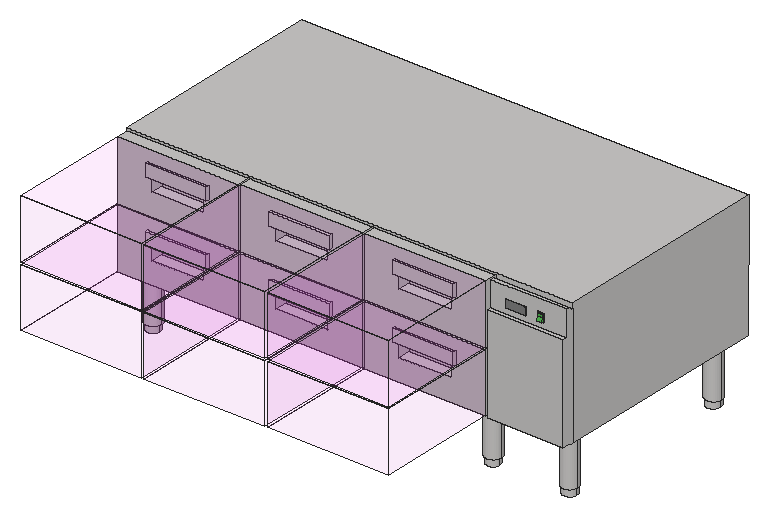
Revit family "QF_ELECTROLUXPROFESSIONAL_391605_E9TTBPCOMKN", category Specialty Equipment, Revit 2018
Family settings
  Round Connector Dimension = Use Diameter
  Part Type = Normal
  Work Plane-Based = No
  Always vertical = Yes
  Cut with Voids When Loaded = No
  Shared = No
  Room Calculation Point = No
Parameters
  Weight = 110.00 kg
  Watts = 0 W
  Volts = 0 V
  URL Manufacturer = ""
  URL = ""
  Steam Supply Size = 0 mm
  Steam Supply Minimum Pressure = 0.0 Pa
  Steam Supply Maximum Pressure = 0.0 Pa
  Steam Pounds per Hour = 0
  Refrigeration Suction Line Size = 0 mm
  Refrigeration Liquid Line Size = 0 mm
  Refrigerant Compressor Remote = yes
  Manufacturer = ""
  Phase = 0
  Model = ""
  Length Actual = 1600 mm  # constant formula
  Item Number = ""
  Hot Water Size = 0 mm
  Height Actual = 600 mm  # constant formula
  HP = "0.5 HP"
  Gas Size = 0 mm
  Gas KW = 0
  Gas Input Pressure = 0 W
  Direct Waste Size = 12.7 mm
  Description = ""
  Depth Actual = 830 mm  # constant formula
  Cycle = 0 Hz
  Condensate Return Size = 0 mm
  Compressed Air Volume = 0.0 L/s
  Compressed Air Size = 0 mm
  Compressed Air Pressure = 0.0 Pa
  Cold Water Size = 0 mm
  Accessory = yes
Reference planes
  plane 1 "Center X": y = 0
  plane 2: z = 0
  plane 3 "Centro (Sinistra/Destra)": x = 0
  plane 4: z = 200
  plane 5 "TOP": z = 650
  plane 6 "BACK": y = 450
  plane 7 "FRONT": y = -450
  plane 8 "LEFT": x = -800
  plane 9 "RIGHT": x = 800
  plane 10: y = -403
  plane 11: y = -448
  plane 12: x = -745
  plane 13: x = 745
  plane 14: x = 471
  plane 15: y = 292
  plane 16: y = -350
  plane 17: x = 286
  plane 18: x = -799
  plane 19: x = 799
  plane 20: y = 290
  plane 21: x = 760
  plane 22: y = 380
Forms (mm)
  Extrusion 1, solid, material "QF_Finishes_Stainless Steel"
    sketch origin (0, 0, 650) x (-1, 0, 0) y (0, -1, 0)
      loop
        line (799, -380) -> (799, 403) -> (-799, 403) -> (-799, -380) -> (799, -380)
    from -450 to 0
  Extrusion 2, solid, material "QF_Finishes_Stainless Steel"
    sketch origin (0, -30, 0) x (1, 0, 0) y (0, 1, 0)
      loop
        circle (760, 290) r 6
    from 189.987 to 200
  Extrusion 3, solid, material "QF_Finishes_Stainless Steel"
    sketch origin (799, -33.449, 0) x (0, 1, 0) y (0, 0, 1)
      loop
        line (-369.551, 629.527) -> (-386.314, 640.994) -> (-397.65, 640.994) -> (-397.65, 549.796) -> (-414.551, 549.796) -> (-414.551, 204.796) -> (-384.714, 204.796) -> (-374.993, 200) -> (-369.551, 200) -> (-369.551, 629.527)
    from 0 to -271
  Extrusion 4, solid, material "QF_Finishes_Black"
    sketch origin (783, -431.099, 630.994) x (0, 0, -1) y (1, 0, 0)
      loop
        line (32.198, -86.899) -> (61.199, -86.899) -> (61.199, -64.9) -> (32.198, -64.9) -> (32.198, -86.899)
    from 0 to 1.6
  Extrusion 5, solid, material "QF_Finishes_Grey"
    sketch origin (789, -431.099, 630.994) x (0, 0, -1) y (1, 0, 0)
      loop
        line (32.198, -206.099) -> (61.199, -206.099) -> (61.199, -136.099) -> (32.198, -136.099) -> (32.198, -206.099)
    from 0 to 1.6
  Extrusion 6, solid, material "QF_Finishes_Green"
    sketch origin (718.1, -431.099, 598.796) x (0, 0, -1) y (0, 1, 0)
      loop
        line (2.279, -3.281) -> (14.5, -3.281) -> (25.308, -8.985)
        arc (25.308, -8.985) -> (26.537, -5.394) -> (26.605, -1.6) r 12.221
        line (26.605, -1.6) -> (2.395, -1.6)
        arc (2.395, -1.6) -> (2.308, -2.439) -> (2.279, -3.281) r 12.221
    from -20 to -2
  Extrusion 7, solid, material "QF_Finishes_Stainless Steel"
    sketch origin (200, -442.999, 0) x (-1, 0, 0) y (0, 0, 1)
      loop
        line (995, 427.5) -> (995, 640.994) -> (560.999, 640.994) -> (560.999, 427.5) -> (995, 427.5)
      loop
        line (871.3, 506.706) -> (871.3, 585) -> (684.699, 585) -> (684.699, 506.706) -> (871.3, 506.706)
    from -5.001 to 39.999
  Extrusion 8, solid, material "QF_Door-Drawer Clearances"
    sketch origin (200, -448, 0) x (1, 0, 0) y (0, 0, 1)
      loop
        line (-995, 640.994) -> (-995, 427.5) -> (-560.999, 427.5) -> (-560.999, 640.994) -> (-995, 640.994)
    from 0 to 434
  Extrusion 9, solid, material "QF_Finishes_Stainless Steel"
    sketch origin (204, -448, 0) x (1, 0, 0) y (0, 0, 1)
      loop
        line (-890.3, 598.969) -> (-890.3, 553.969) -> (-673.699, 553.969) -> (-673.699, 598.969) -> (-890.3, 598.969)
    from 0 to 10
  Extrusion 10, solid, material "QF_Finishes_Stainless Steel"
    sketch origin (644.031, -442.999, 0) x (-1, 0, 0) y (0, 0, 1)
      loop
        line (997, 427.5) -> (997, 640.994) -> (563, 640.994) -> (563, 427.5) -> (997, 427.5)
      loop
        line (873.3, 506.706) -> (873.3, 585) -> (686.699, 585) -> (686.699, 506.706) -> (873.3, 506.706)
    from -5.001 to 39.999
  Extrusion 11, solid, material "QF_Door-Drawer Clearances"
    sketch origin (644.031, -448, 0) x (1, 0, 0) y (0, 0, 1)
      loop
        line (-997, 640.994) -> (-997, 427.5) -> (-563, 427.5) -> (-563, 640.994) -> (-997, 640.994)
    from 0 to 434
  Extrusion 12, solid, material "QF_Finishes_Stainless Steel"
    sketch origin (647.732, -448, 0) x (1, 0, 0) y (0, 0, 1)
      loop
        line (-892.001, 598.969) -> (-892.001, 553.969) -> (-675.4, 553.969) -> (-675.4, 598.969) -> (-892.001, 598.969)
    from 0 to 10
  Extrusion 13, solid, material "QF_Finishes_Stainless Steel"
    sketch origin (1076.461, -442.999, 0) x (-1, 0, 0) y (0, 0, 1)
      loop
        line (553.461, 427.5) -> (987.5, 427.5) -> (987.5, 640.994) -> (553.461, 640.994) -> (553.461, 427.5)
      loop
        line (863.8, 506.706) -> (863.8, 585) -> (677.199, 585) -> (677.199, 506.706) -> (863.8, 506.706)
    from -5.001 to 39.999
  Extrusion 14, solid, material "QF_Door-Drawer Clearances"
    sketch origin (1076.461, -448, 0) x (1, 0, 0) y (0, 0, 1)
      loop
        line (-553.461, 640.994) -> (-987.5, 640.994) -> (-987.5, 427.5) -> (-553.461, 427.5) -> (-553.461, 640.994)
    from 0 to 434
  Extrusion 15, solid, material "QF_Finishes_Stainless Steel"
    sketch origin (1076.461, -448, 0) x (1, 0, 0) y (0, 0, 1)
      loop
        line (-878.8, 598.969) -> (-878.8, 553.969) -> (-662.199, 553.969) -> (-662.199, 598.969) -> (-878.8, 598.969)
    from 0 to 10
  Extrusion 16, solid, material "QF_Finishes_Stainless Steel"
    sketch origin (200, -442.999, -218.494) x (-1, 0, 0) y (0, 0, 1)
      loop
        line (995, 427.5) -> (995, 640.994) -> (560.999, 640.994) -> (560.999, 427.5) -> (995, 427.5)
      loop
        line (871.3, 506.706) -> (871.3, 585) -> (684.699, 585) -> (684.699, 506.706) -> (871.3, 506.706)
    from -5.001 to 39.999
  Extrusion 17, solid, material "QF_Door-Drawer Clearances"
    sketch origin (200, -448, -218.494) x (1, 0, 0) y (0, 0, 1)
      loop
        line (-995, 640.994) -> (-995, 427.5) -> (-560.999, 427.5) -> (-560.999, 640.994) -> (-995, 640.994)
    from 0 to 434
  Extrusion 18, solid, material "QF_Finishes_Stainless Steel"
    sketch origin (204, -448, -218.494) x (1, 0, 0) y (0, 0, 1)
      loop
        line (-890.3, 598.969) -> (-890.3, 553.969) -> (-673.699, 553.969) -> (-673.699, 598.969) -> (-890.3, 598.969)
    from 0 to 10
  Extrusion 19, solid, material "QF_Finishes_Stainless Steel"
    sketch origin (644.031, -442.999, -218.494) x (-1, 0, 0) y (0, 0, 1)
      loop
        line (997, 427.5) -> (997, 640.994) -> (563, 640.994) -> (563, 427.5) -> (997, 427.5)
      loop
        line (873.3, 506.706) -> (873.3, 585) -> (686.699, 585) -> (686.699, 506.706) -> (873.3, 506.706)
    from -5.001 to 39.999
  Extrusion 20, solid, material "QF_Door-Drawer Clearances"
    sketch origin (644.031, -448, -218.494) x (1, 0, 0) y (0, 0, 1)
      loop
        line (-997, 640.994) -> (-997, 427.5) -> (-563, 427.5) -> (-563, 640.994) -> (-997, 640.994)
    from 0 to 434
  Extrusion 21, solid, material "QF_Finishes_Stainless Steel"
    sketch origin (647.732, -448, -218.494) x (1, 0, 0) y (0, 0, 1)
      loop
        line (-892.001, 598.969) -> (-892.001, 553.969) -> (-675.4, 553.969) -> (-675.4, 598.969) -> (-892.001, 598.969)
    from 0 to 10
  Extrusion 22, solid, material "QF_Finishes_Stainless Steel"
    sketch origin (1082.461, -442.999, -218.494) x (-1, 0, 0) y (0, 0, 1)
      loop
        line (559.461, 427.5) -> (993.5, 427.5) -> (993.5, 640.994) -> (559.461, 640.994) -> (559.461, 427.5)
      loop
        line (869.8, 506.706) -> (869.8, 585) -> (683.199, 585) -> (683.199, 506.706) -> (869.8, 506.706)
    from -5.001 to 39.999
  Extrusion 23, solid, material "QF_Door-Drawer Clearances"
    sketch origin (1082.461, -448, -218.494) x (1, 0, 0) y (0, 0, 1)
      loop
        line (-559.461, 640.994) -> (-993.5, 640.994) -> (-993.5, 427.5) -> (-559.461, 427.5) -> (-559.461, 640.994)
    from 0 to 434
  Extrusion 24, solid, material "QF_Finishes_Stainless Steel"
    sketch origin (1082.461, -448, -218.494) x (1, 0, 0) y (0, 0, 1)
      loop
        line (-884.8, 598.969) -> (-884.8, 553.969) -> (-668.199, 553.969) -> (-668.199, 598.969) -> (-884.8, 598.969)
    from 0 to 10
Lines and regions (mm)
  Split face 1
    outline origin (789, -432.699, 630.994) x (0, 0, -1) y (1, 0, 0)
      loop
        line (37.198, -196.099) -> (52.198, -196.099) -> (52.198, -146.099) -> (37.198, -146.099) -> (37.198, -196.099)
  Split face 2
    outline origin (789, -432.699, 630.994) x (0, 0, -1) y (1, 0, 0)
      loop
        circle (44.698, -143.099) r 1.2
  Split face 3
    outline origin (789, -432.699, 630.994) x (0, 0, -1) y (1, 0, 0)
      loop
        circle (39.698, -143.099) r 1.2
  Split face 4
    outline origin (789, -432.699, 630.994) x (0, 0, -1) y (1, 0, 0)
      loop
        circle (49.698, -143.099) r 1.2
  Split face 5
    outline origin (789, -432.699, 630.994) x (0, 0, -1) y (1, 0, 0)
      loop
        circle (39.698, -199.099) r 1.2
  Split face 6
    outline origin (789, -432.699, 630.994) x (0, 0, -1) y (1, 0, 0)
      loop
        circle (44.698, -199.099) r 1.2
  Split face 7
    outline origin (789, -432.699, 630.994) x (0, 0, -1) y (1, 0, 0)
      loop
        circle (49.698, -199.099) r 1.2
  Split face 8
    outline origin (789, -432.699, 630.994) x (0, 0, -1) y (1, 0, 0)
      loop
        line (59.151, -196.099) -> (59.151, -185.099) -> (54.151, -185.099) -> (54.151, -196.099) -> (59.151, -196.099)
  Split face 9
    outline origin (789, -432.699, 630.994) x (0, 0, -1) y (1, 0, 0)
      loop
        line (54.151, -183.099) -> (59.151, -183.099) -> (59.151, -172.099) -> (54.151, -172.099) -> (54.151, -183.099)
  Split face 10
    outline origin (802, -432.699, 630.994) x (0, 0, -1) y (1, 0, 0)
      loop
        line (54.151, -183.099) -> (59.151, -183.099) -> (59.151, -172.099) -> (54.151, -172.099) -> (54.151, -183.099)
  Split face 11
    outline origin (815, -432.699, 630.994) x (0, 0, -1) y (1, 0, 0)
      loop
        line (54.151, -183.099) -> (59.151, -183.099) -> (59.151, -172.099) -> (54.151, -172.099) -> (54.151, -183.099)
  Split face 12
    outline origin (799, -448, 412.291) x (0, 0, -1) y (1, 0, 0)
      loop
        arc (-85.025, -240.599) -> (-81.004, -236.61) -> (-85.004, -232.599) r 4
        line (-85.004, -232.599) -> (-117.004, -232.599)
        arc (-117.004, -232.599) -> (-121.004, -236.61) -> (-116.984, -240.599) r 4
        line (-116.984, -240.599) -> (-85.025, -240.599)
  Split face 13
    outline origin (811, -448, 412.291) x (0, 0, -1) y (1, 0, 0)
      loop
        arc (-85.025, -240.599) -> (-81.004, -236.61) -> (-85.004, -232.599) r 4
        line (-85.004, -232.599) -> (-117.004, -232.599)
        arc (-117.004, -232.599) -> (-121.004, -236.61) -> (-116.984, -240.599) r 4
        line (-116.984, -240.599) -> (-85.025, -240.599)
  Split face 14
    outline origin (823, -448, 412.291) x (0, 0, -1) y (1, 0, 0)
      loop
        arc (-85.025, -240.599) -> (-81.004, -236.61) -> (-85.004, -232.599) r 4
        line (-85.004, -232.599) -> (-117.004, -232.599)
        arc (-117.004, -232.599) -> (-121.004, -236.61) -> (-116.984, -240.599) r 4
        line (-116.984, -240.599) -> (-85.025, -240.599)
  Split face 15
    outline origin (834.897, -448, 412.291) x (0, 0, -1) y (1, 0, 0)
      loop
        arc (-85.025, -240.599) -> (-81.004, -236.61) -> (-85.004, -232.599) r 4
        line (-85.004, -232.599) -> (-117.004, -232.599)
        arc (-117.004, -232.599) -> (-121.004, -236.61) -> (-116.984, -240.599) r 4
        line (-116.984, -240.599) -> (-85.025, -240.599)
  Split face 16
    outline origin (846.896, -448, 412.291) x (0, 0, -1) y (1, 0, 0)
      loop
        arc (-85.025, -240.599) -> (-81.004, -236.61) -> (-85.004, -232.599) r 4
        line (-85.004, -232.599) -> (-117.004, -232.599)
        arc (-117.004, -232.599) -> (-121.004, -236.61) -> (-116.984, -240.599) r 4
        line (-116.984, -240.599) -> (-85.025, -240.599)
  Split face 17
    outline origin (858.896, -448, 412.291) x (0, 0, -1) y (1, 0, 0)
      loop
        arc (-85.025, -240.599) -> (-81.004, -236.61) -> (-85.004, -232.599) r 4
        line (-85.004, -232.599) -> (-117.004, -232.599)
        arc (-117.004, -232.599) -> (-121.004, -236.61) -> (-116.984, -240.599) r 4
        line (-116.984, -240.599) -> (-85.025, -240.599)
  Split face 18
    outline origin (870.896, -448, 412.291) x (0, 0, -1) y (1, 0, 0)
      loop
        arc (-85.025, -240.599) -> (-81.004, -236.61) -> (-85.004, -232.599) r 4
        line (-85.004, -232.599) -> (-117.004, -232.599)
        arc (-117.004, -232.599) -> (-121.004, -236.61) -> (-116.984, -240.599) r 4
        line (-116.984, -240.599) -> (-85.025, -240.599)
  Split face 19
    outline origin (882.897, -448, 412.291) x (0, 0, -1) y (1, 0, 0)
      loop
        arc (-85.025, -240.599) -> (-81.004, -236.61) -> (-85.004, -232.599) r 4
        line (-85.004, -232.599) -> (-117.004, -232.599)
        arc (-117.004, -232.599) -> (-121.004, -236.61) -> (-116.984, -240.599) r 4
        line (-116.984, -240.599) -> (-85.025, -240.599)
  Split face 20
    outline origin (894.896, -448, 412.291) x (0, 0, -1) y (1, 0, 0)
      loop
        arc (-85.025, -240.599) -> (-81.004, -236.61) -> (-85.004, -232.599) r 4
        line (-85.004, -232.599) -> (-117.004, -232.599)
        arc (-117.004, -232.599) -> (-121.004, -236.61) -> (-116.984, -240.599) r 4
        line (-116.984, -240.599) -> (-85.025, -240.599)
  Split face 21
    outline origin (906.896, -448, 412.291) x (0, 0, -1) y (1, 0, 0)
      loop
        arc (-85.025, -242.399) -> (-81.004, -238.41) -> (-85.004, -234.4) r 4
        line (-85.004, -234.4) -> (-117.004, -234.4)
        arc (-117.004, -234.4) -> (-121.004, -238.41) -> (-116.984, -242.399) r 4
        line (-116.984, -242.399) -> (-85.025, -242.399)
  Split face 22
    outline origin (918.896, -448, 412.291) x (0, 0, -1) y (1, 0, 0)
      loop
        arc (-85.025, -242.399) -> (-81.004, -238.41) -> (-85.004, -234.4) r 4
        line (-85.004, -234.4) -> (-117.004, -234.4)
        arc (-117.004, -234.4) -> (-121.004, -238.41) -> (-116.984, -242.399) r 4
        line (-116.984, -242.399) -> (-85.025, -242.399)
  Split face 23
    outline origin (930.896, -448, 412.291) x (0, 0, -1) y (1, 0, 0)
      loop
        arc (-85.025, -242.399) -> (-81.004, -238.41) -> (-85.004, -234.4) r 4
        line (-85.004, -234.4) -> (-117.004, -234.4)
        arc (-117.004, -234.4) -> (-121.004, -238.41) -> (-116.984, -242.399) r 4
        line (-116.984, -242.399) -> (-85.025, -242.399)
  Split face 24
    outline origin (942.896, -448, 412.291) x (0, 0, -1) y (1, 0, 0)
      loop
        arc (-85.025, -242.399) -> (-81.004, -238.41) -> (-85.004, -234.4) r 4
        line (-85.004, -234.4) -> (-117.004, -234.4)
        arc (-117.004, -234.4) -> (-121.004, -238.41) -> (-116.984, -242.399) r 4
        line (-116.984, -242.399) -> (-85.025, -242.399)
  Split face 25
    outline origin (954.896, -448, 412.291) x (0, 0, -1) y (1, 0, 0)
      loop
        arc (-85.025, -242.399) -> (-81.004, -238.41) -> (-85.004, -234.4) r 4
        line (-85.004, -234.4) -> (-117.004, -234.4)
        arc (-117.004, -234.4) -> (-121.004, -238.41) -> (-116.984, -242.399) r 4
        line (-116.984, -242.399) -> (-85.025, -242.399)
  Split face 26
    outline origin (966.896, -448, 412.291) x (0, 0, -1) y (1, 0, 0)
      loop
        arc (-85.025, -242.399) -> (-81.004, -238.41) -> (-85.004, -234.4) r 4
        line (-85.004, -234.4) -> (-117.004, -234.4)
        arc (-117.004, -234.4) -> (-121.004, -238.41) -> (-116.984, -242.399) r 4
        line (-116.984, -242.399) -> (-85.025, -242.399)
  Split face 27
    outline origin (978.896, -448, 412.291) x (0, 0, -1) y (1, 0, 0)
      loop
        arc (-85.025, -242.399) -> (-81.004, -238.41) -> (-85.004, -234.4) r 4
        line (-85.004, -234.4) -> (-117.004, -234.4)
        arc (-117.004, -234.4) -> (-121.004, -238.41) -> (-116.984, -242.399) r 4
        line (-116.984, -242.399) -> (-85.025, -242.399)
  Split face 28
    outline origin (990.896, -448, 412.291) x (0, 0, -1) y (1, 0, 0)
      loop
        arc (-85.025, -242.399) -> (-81.004, -238.41) -> (-85.004, -234.4) r 4
        line (-85.004, -234.4) -> (-117.004, -234.4)
        arc (-117.004, -234.4) -> (-121.004, -238.41) -> (-116.984, -242.399) r 4
        line (-116.984, -242.399) -> (-85.025, -242.399)
  Split face 29
    outline origin (1002.896, -448, 412.291) x (0, 0, -1) y (1, 0, 0)
      loop
        arc (-85.025, -242.399) -> (-81.004, -238.41) -> (-85.004, -234.4) r 4
        line (-85.004, -234.4) -> (-117.004, -234.4)
        arc (-117.004, -234.4) -> (-121.004, -238.41) -> (-116.984, -242.399) r 4
        line (-116.984, -242.399) -> (-85.025, -242.399)
  Split face 30
    outline origin (1014.896, -448, 412.291) x (0, 0, -1) y (1, 0, 0)
      loop
        arc (-85.025, -242.399) -> (-81.004, -238.41) -> (-85.004, -234.4) r 4
        line (-85.004, -234.4) -> (-117.004, -234.4)
        arc (-117.004, -234.4) -> (-121.004, -238.41) -> (-116.984, -242.399) r 4
        line (-116.984, -242.399) -> (-85.025, -242.399)
  Split face 31
    outline origin (787, -448, 412.291) x (0, 0, -1) y (1, 0, 0)
      loop
        arc (-85.025, -240.599) -> (-81.004, -236.61) -> (-85.004, -232.599) r 4
        line (-85.004, -232.599) -> (-117.004, -232.599)
        arc (-117.004, -232.599) -> (-121.004, -236.61) -> (-116.984, -240.599) r 4
        line (-116.984, -240.599) -> (-85.025, -240.599)
  Split face 32
    outline origin (799, -448, 367.29) x (0, 0, -1) y (1, 0, 0)
      loop
        arc (-85.025, -240.599) -> (-81.004, -236.61) -> (-85.004, -232.599) r 4
        line (-85.004, -232.599) -> (-117.004, -232.599)
        arc (-117.004, -232.599) -> (-121.004, -236.61) -> (-116.984, -240.599) r 4
        line (-116.984, -240.599) -> (-85.025, -240.599)
  Split face 33
    outline origin (811, -448, 367.29) x (0, 0, -1) y (1, 0, 0)
      loop
        arc (-85.025, -240.599) -> (-81.004, -236.61) -> (-85.004, -232.599) r 4
        line (-85.004, -232.599) -> (-117.004, -232.599)
        arc (-117.004, -232.599) -> (-121.004, -236.61) -> (-116.984, -240.599) r 4
        line (-116.984, -240.599) -> (-85.025, -240.599)
  Split face 34
    outline origin (823, -448, 367.29) x (0, 0, -1) y (1, 0, 0)
      loop
        arc (-85.025, -240.599) -> (-81.004, -236.61) -> (-85.004, -232.599) r 4
        line (-85.004, -232.599) -> (-117.004, -232.599)
        arc (-117.004, -232.599) -> (-121.004, -236.61) -> (-116.984, -240.599) r 4
        line (-116.984, -240.599) -> (-85.025, -240.599)
  Split face 35
    outline origin (834.897, -448, 367.29) x (0, 0, -1) y (1, 0, 0)
      loop
        arc (-85.025, -240.599) -> (-81.004, -236.61) -> (-85.004, -232.599) r 4
        line (-85.004, -232.599) -> (-117.004, -232.599)
        arc (-117.004, -232.599) -> (-121.004, -236.61) -> (-116.984, -240.599) r 4
        line (-116.984, -240.599) -> (-85.025, -240.599)
  Split face 36
    outline origin (846.896, -448, 367.29) x (0, 0, -1) y (1, 0, 0)
      loop
        arc (-85.025, -240.599) -> (-81.004, -236.61) -> (-85.004, -232.599) r 4
        line (-85.004, -232.599) -> (-117.004, -232.599)
        arc (-117.004, -232.599) -> (-121.004, -236.61) -> (-116.984, -240.599) r 4
        line (-116.984, -240.599) -> (-85.025, -240.599)
  Split face 37
    outline origin (858.896, -448, 367.29) x (0, 0, -1) y (1, 0, 0)
      loop
        arc (-85.025, -240.599) -> (-81.004, -236.61) -> (-85.004, -232.599) r 4
        line (-85.004, -232.599) -> (-117.004, -232.599)
        arc (-117.004, -232.599) -> (-121.004, -236.61) -> (-116.984, -240.599) r 4
        line (-116.984, -240.599) -> (-85.025, -240.599)
  Split face 38
    outline origin (870.896, -448, 367.29) x (0, 0, -1) y (1, 0, 0)
      loop
        arc (-85.025, -240.599) -> (-81.004, -236.61) -> (-85.004, -232.599) r 4
        line (-85.004, -232.599) -> (-117.004, -232.599)
        arc (-117.004, -232.599) -> (-121.004, -236.61) -> (-116.984, -240.599) r 4
        line (-116.984, -240.599) -> (-85.025, -240.599)
  Split face 39
    outline origin (882.897, -448, 367.29) x (0, 0, -1) y (1, 0, 0)
      loop
        arc (-85.025, -240.599) -> (-81.004, -236.61) -> (-85.004, -232.599) r 4
        line (-85.004, -232.599) -> (-117.004, -232.599)
        arc (-117.004, -232.599) -> (-121.004, -236.61) -> (-116.984, -240.599) r 4
        line (-116.984, -240.599) -> (-85.025, -240.599)
  Split face 40
    outline origin (894.896, -448, 367.29) x (0, 0, -1) y (1, 0, 0)
      loop
        arc (-85.025, -240.599) -> (-81.004, -236.61) -> (-85.004, -232.599) r 4
        line (-85.004, -232.599) -> (-117.004, -232.599)
        arc (-117.004, -232.599) -> (-121.004, -236.61) -> (-116.984, -240.599) r 4
        line (-116.984, -240.599) -> (-85.025, -240.599)
  Split face 41
    outline origin (906.896, -448, 367.29) x (0, 0, -1) y (1, 0, 0)
      loop
        arc (-85.025, -242.399) -> (-81.004, -238.41) -> (-85.004, -234.4) r 4
        line (-85.004, -234.4) -> (-117.004, -234.4)
        arc (-117.004, -234.4) -> (-121.004, -238.41) -> (-116.984, -242.399) r 4
        line (-116.984, -242.399) -> (-85.025, -242.399)
  Split face 42
    outline origin (918.896, -448, 367.29) x (0, 0, -1) y (1, 0, 0)
      loop
        arc (-85.025, -242.399) -> (-81.004, -238.41) -> (-85.004, -234.4) r 4
        line (-85.004, -234.4) -> (-117.004, -234.4)
        arc (-117.004, -234.4) -> (-121.004, -238.41) -> (-116.984, -242.399) r 4
        line (-116.984, -242.399) -> (-85.025, -242.399)
  Split face 43
    outline origin (930.896, -448, 367.29) x (0, 0, -1) y (1, 0, 0)
      loop
        arc (-85.025, -242.399) -> (-81.004, -238.41) -> (-85.004, -234.4) r 4
        line (-85.004, -234.4) -> (-117.004, -234.4)
        arc (-117.004, -234.4) -> (-121.004, -238.41) -> (-116.984, -242.399) r 4
        line (-116.984, -242.399) -> (-85.025, -242.399)
  Split face 44
    outline origin (942.896, -448, 367.29) x (0, 0, -1) y (1, 0, 0)
      loop
        arc (-85.025, -242.399) -> (-81.004, -238.41) -> (-85.004, -234.4) r 4
        line (-85.004, -234.4) -> (-117.004, -234.4)
        arc (-117.004, -234.4) -> (-121.004, -238.41) -> (-116.984, -242.399) r 4
        line (-116.984, -242.399) -> (-85.025, -242.399)
  Split face 45
    outline origin (954.896, -448, 367.29) x (0, 0, -1) y (1, 0, 0)
      loop
        arc (-85.025, -242.399) -> (-81.004, -238.41) -> (-85.004, -234.4) r 4
        line (-85.004, -234.4) -> (-117.004, -234.4)
        arc (-117.004, -234.4) -> (-121.004, -238.41) -> (-116.984, -242.399) r 4
        line (-116.984, -242.399) -> (-85.025, -242.399)
  Split face 46
    outline origin (966.896, -448, 367.29) x (0, 0, -1) y (1, 0, 0)
      loop
        arc (-85.025, -242.399) -> (-81.004, -238.41) -> (-85.004, -234.4) r 4
        line (-85.004, -234.4) -> (-117.004, -234.4)
        arc (-117.004, -234.4) -> (-121.004, -238.41) -> (-116.984, -242.399) r 4
        line (-116.984, -242.399) -> (-85.025, -242.399)
  Split face 47
    outline origin (978.896, -448, 367.29) x (0, 0, -1) y (1, 0, 0)
      loop
        arc (-85.025, -242.399) -> (-81.004, -238.41) -> (-85.004, -234.4) r 4
        line (-85.004, -234.4) -> (-117.004, -234.4)
        arc (-117.004, -234.4) -> (-121.004, -238.41) -> (-116.984, -242.399) r 4
        line (-116.984, -242.399) -> (-85.025, -242.399)
  Split face 48
    outline origin (990.896, -448, 367.29) x (0, 0, -1) y (1, 0, 0)
      loop
        arc (-85.025, -242.399) -> (-81.004, -238.41) -> (-85.004, -234.4) r 4
        line (-85.004, -234.4) -> (-117.004, -234.4)
        arc (-117.004, -234.4) -> (-121.004, -238.41) -> (-116.984, -242.399) r 4
        line (-116.984, -242.399) -> (-85.025, -242.399)
  Split face 49
    outline origin (1002.896, -448, 367.29) x (0, 0, -1) y (1, 0, 0)
      loop
        arc (-85.025, -242.399) -> (-81.004, -238.41) -> (-85.004, -234.4) r 4
        line (-85.004, -234.4) -> (-117.004, -234.4)
        arc (-117.004, -234.4) -> (-121.004, -238.41) -> (-116.984, -242.399) r 4
        line (-116.984, -242.399) -> (-85.025, -242.399)
  Split face 50
    outline origin (1014.896, -448, 367.29) x (0, 0, -1) y (1, 0, 0)
      loop
        arc (-85.025, -242.399) -> (-81.004, -238.41) -> (-85.004, -234.4) r 4
        line (-85.004, -234.4) -> (-117.004, -234.4)
        arc (-117.004, -234.4) -> (-121.004, -238.41) -> (-116.984, -242.399) r 4
        line (-116.984, -242.399) -> (-85.025, -242.399)
  Split face 51
    outline origin (787, -448, 367.29) x (0, 0, -1) y (1, 0, 0)
      loop
        arc (-85.025, -240.599) -> (-81.004, -236.61) -> (-85.004, -232.599) r 4
        line (-85.004, -232.599) -> (-117.004, -232.599)
        arc (-117.004, -232.599) -> (-121.004, -236.61) -> (-116.984, -240.599) r 4
        line (-116.984, -240.599) -> (-85.025, -240.599)
  Split face 52
    outline origin (799, -448, 322.29) x (0, 0, -1) y (1, 0, 0)
      loop
        arc (-85.025, -240.599) -> (-81.004, -236.61) -> (-85.004, -232.599) r 4
        line (-85.004, -232.599) -> (-117.004, -232.599)
        arc (-117.004, -232.599) -> (-121.004, -236.61) -> (-116.984, -240.599) r 4
        line (-116.984, -240.599) -> (-85.025, -240.599)
  Split face 53
    outline origin (811, -448, 322.29) x (0, 0, -1) y (1, 0, 0)
      loop
        arc (-85.025, -240.599) -> (-81.004, -236.61) -> (-85.004, -232.599) r 4
        line (-85.004, -232.599) -> (-117.004, -232.599)
        arc (-117.004, -232.599) -> (-121.004, -236.61) -> (-116.984, -240.599) r 4
        line (-116.984, -240.599) -> (-85.025, -240.599)
  Split face 54
    outline origin (823, -448, 322.29) x (0, 0, -1) y (1, 0, 0)
      loop
        arc (-85.025, -240.599) -> (-81.004, -236.61) -> (-85.004, -232.599) r 4
        line (-85.004, -232.599) -> (-117.004, -232.599)
        arc (-117.004, -232.599) -> (-121.004, -236.61) -> (-116.984, -240.599) r 4
        line (-116.984, -240.599) -> (-85.025, -240.599)
  Split face 55
    outline origin (834.897, -448, 322.29) x (0, 0, -1) y (1, 0, 0)
      loop
        arc (-85.025, -240.599) -> (-81.004, -236.61) -> (-85.004, -232.599) r 4
        line (-85.004, -232.599) -> (-117.004, -232.599)
        arc (-117.004, -232.599) -> (-121.004, -236.61) -> (-116.984, -240.599) r 4
        line (-116.984, -240.599) -> (-85.025, -240.599)
  Split face 56
    outline origin (846.896, -448, 322.29) x (0, 0, -1) y (1, 0, 0)
      loop
        arc (-85.025, -240.599) -> (-81.004, -236.61) -> (-85.004, -232.599) r 4
        line (-85.004, -232.599) -> (-117.004, -232.599)
        arc (-117.004, -232.599) -> (-121.004, -236.61) -> (-116.984, -240.599) r 4
        line (-116.984, -240.599) -> (-85.025, -240.599)
  Split face 57
    outline origin (858.896, -448, 322.29) x (0, 0, -1) y (1, 0, 0)
      loop
        arc (-85.025, -240.599) -> (-81.004, -236.61) -> (-85.004, -232.599) r 4
        line (-85.004, -232.599) -> (-117.004, -232.599)
        arc (-117.004, -232.599) -> (-121.004, -236.61) -> (-116.984, -240.599) r 4
        line (-116.984, -240.599) -> (-85.025, -240.599)
  Split face 58
    outline origin (870.896, -448, 322.29) x (0, 0, -1) y (1, 0, 0)
      loop
        arc (-85.025, -240.599) -> (-81.004, -236.61) -> (-85.004, -232.599) r 4
        line (-85.004, -232.599) -> (-117.004, -232.599)
        arc (-117.004, -232.599) -> (-121.004, -236.61) -> (-116.984, -240.599) r 4
        line (-116.984, -240.599) -> (-85.025, -240.599)
  Split face 59
    outline origin (882.897, -448, 322.29) x (0, 0, -1) y (1, 0, 0)
      loop
        arc (-85.025, -240.599) -> (-81.004, -236.61) -> (-85.004, -232.599) r 4
        line (-85.004, -232.599) -> (-117.004, -232.599)
        arc (-117.004, -232.599) -> (-121.004, -236.61) -> (-116.984, -240.599) r 4
        line (-116.984, -240.599) -> (-85.025, -240.599)
  Split face 60
    outline origin (894.896, -448, 322.29) x (0, 0, -1) y (1, 0, 0)
      loop
        arc (-85.025, -240.599) -> (-81.004, -236.61) -> (-85.004, -232.599) r 4
        line (-85.004, -232.599) -> (-117.004, -232.599)
        arc (-117.004, -232.599) -> (-121.004, -236.61) -> (-116.984, -240.599) r 4
        line (-116.984, -240.599) -> (-85.025, -240.599)
  Split face 61
    outline origin (906.896, -448, 322.29) x (0, 0, -1) y (1, 0, 0)
      loop
        arc (-85.025, -242.399) -> (-81.004, -238.41) -> (-85.004, -234.4) r 4
        line (-85.004, -234.4) -> (-117.004, -234.4)
        arc (-117.004, -234.4) -> (-121.004, -238.41) -> (-116.984, -242.399) r 4
        line (-116.984, -242.399) -> (-85.025, -242.399)
  Split face 62
    outline origin (918.896, -448, 322.29) x (0, 0, -1) y (1, 0, 0)
      loop
        arc (-85.025, -242.399) -> (-81.004, -238.41) -> (-85.004, -234.4) r 4
        line (-85.004, -234.4) -> (-117.004, -234.4)
        arc (-117.004, -234.4) -> (-121.004, -238.41) -> (-116.984, -242.399) r 4
        line (-116.984, -242.399) -> (-85.025, -242.399)
  Split face 63
    outline origin (930.896, -448, 322.29) x (0, 0, -1) y (1, 0, 0)
      loop
        arc (-85.025, -242.399) -> (-81.004, -238.41) -> (-85.004, -234.4) r 4
        line (-85.004, -234.4) -> (-117.004, -234.4)
        arc (-117.004, -234.4) -> (-121.004, -238.41) -> (-116.984, -242.399) r 4
        line (-116.984, -242.399) -> (-85.025, -242.399)
  Split face 64
    outline origin (942.896, -448, 322.29) x (0, 0, -1) y (1, 0, 0)
      loop
        arc (-85.025, -242.399) -> (-81.004, -238.41) -> (-85.004, -234.4) r 4
        line (-85.004, -234.4) -> (-117.004, -234.4)
        arc (-117.004, -234.4) -> (-121.004, -238.41) -> (-116.984, -242.399) r 4
        line (-116.984, -242.399) -> (-85.025, -242.399)
  Split face 65
    outline origin (954.896, -448, 322.29) x (0, 0, -1) y (1, 0, 0)
      loop
        arc (-85.025, -242.399) -> (-81.004, -238.41) -> (-85.004, -234.4) r 4
        line (-85.004, -234.4) -> (-117.004, -234.4)
        arc (-117.004, -234.4) -> (-121.004, -238.41) -> (-116.984, -242.399) r 4
        line (-116.984, -242.399) -> (-85.025, -242.399)
  Split face 66
    outline origin (966.896, -448, 322.29) x (0, 0, -1) y (1, 0, 0)
      loop
        arc (-85.025, -242.399) -> (-81.004, -238.41) -> (-85.004, -234.4) r 4
        line (-85.004, -234.4) -> (-117.004, -234.4)
        arc (-117.004, -234.4) -> (-121.004, -238.41) -> (-116.984, -242.399) r 4
        line (-116.984, -242.399) -> (-85.025, -242.399)
  Split face 67
    outline origin (978.896, -448, 322.29) x (0, 0, -1) y (1, 0, 0)
      loop
        arc (-85.025, -242.399) -> (-81.004, -238.41) -> (-85.004, -234.4) r 4
        line (-85.004, -234.4) -> (-117.004, -234.4)
        arc (-117.004, -234.4) -> (-121.004, -238.41) -> (-116.984, -242.399) r 4
        line (-116.984, -242.399) -> (-85.025, -242.399)
  Split face 68
    outline origin (990.896, -448, 322.29) x (0, 0, -1) y (1, 0, 0)
      loop
        arc (-85.025, -242.399) -> (-81.004, -238.41) -> (-85.004, -234.4) r 4
        line (-85.004, -234.4) -> (-117.004, -234.4)
        arc (-117.004, -234.4) -> (-121.004, -238.41) -> (-116.984, -242.399) r 4
        line (-116.984, -242.399) -> (-85.025, -242.399)
  Split face 69
    outline origin (1002.896, -448, 322.29) x (0, 0, -1) y (1, 0, 0)
      loop
        arc (-85.025, -242.399) -> (-81.004, -238.41) -> (-85.004, -234.4) r 4
        line (-85.004, -234.4) -> (-117.004, -234.4)
        arc (-117.004, -234.4) -> (-121.004, -238.41) -> (-116.984, -242.399) r 4
        line (-116.984, -242.399) -> (-85.025, -242.399)
  Split face 70
    outline origin (1014.896, -448, 322.29) x (0, 0, -1) y (1, 0, 0)
      loop
        arc (-85.025, -242.399) -> (-81.004, -238.41) -> (-85.004, -234.4) r 4
        line (-85.004, -234.4) -> (-117.004, -234.4)
        arc (-117.004, -234.4) -> (-121.004, -238.41) -> (-116.984, -242.399) r 4
        line (-116.984, -242.399) -> (-85.025, -242.399)
  Split face 71
    outline origin (787, -448, 322.29) x (0, 0, -1) y (1, 0, 0)
      loop
        arc (-85.025, -240.599) -> (-81.004, -236.61) -> (-85.004, -232.599) r 4
        line (-85.004, -232.599) -> (-117.004, -232.599)
        arc (-117.004, -232.599) -> (-121.004, -236.61) -> (-116.984, -240.599) r 4
        line (-116.984, -240.599) -> (-85.025, -240.599)
  Split face 72
    outline origin (799, -448, 277.29) x (0, 0, -1) y (1, 0, 0)
      loop
        arc (-85.025, -240.599) -> (-81.004, -236.61) -> (-85.004, -232.599) r 4
        line (-85.004, -232.599) -> (-117.004, -232.599)
        arc (-117.004, -232.599) -> (-121.004, -236.61) -> (-116.984, -240.599) r 4
        line (-116.984, -240.599) -> (-85.025, -240.599)
  Split face 73
    outline origin (811, -448, 277.29) x (0, 0, -1) y (1, 0, 0)
      loop
        arc (-85.025, -240.599) -> (-81.004, -236.61) -> (-85.004, -232.599) r 4
        line (-85.004, -232.599) -> (-117.004, -232.599)
        arc (-117.004, -232.599) -> (-121.004, -236.61) -> (-116.984, -240.599) r 4
        line (-116.984, -240.599) -> (-85.025, -240.599)
  Split face 74
    outline origin (823, -448, 277.29) x (0, 0, -1) y (1, 0, 0)
      loop
        arc (-85.025, -240.599) -> (-81.004, -236.61) -> (-85.004, -232.599) r 4
        line (-85.004, -232.599) -> (-117.004, -232.599)
        arc (-117.004, -232.599) -> (-121.004, -236.61) -> (-116.984, -240.599) r 4
        line (-116.984, -240.599) -> (-85.025, -240.599)
  Split face 75
    outline origin (834.897, -448, 277.29) x (0, 0, -1) y (1, 0, 0)
      loop
        arc (-85.025, -240.599) -> (-81.004, -236.61) -> (-85.004, -232.599) r 4
        line (-85.004, -232.599) -> (-117.004, -232.599)
        arc (-117.004, -232.599) -> (-121.004, -236.61) -> (-116.984, -240.599) r 4
        line (-116.984, -240.599) -> (-85.025, -240.599)
  Split face 76
    outline origin (846.896, -448, 277.29) x (0, 0, -1) y (1, 0, 0)
      loop
        arc (-85.025, -240.599) -> (-81.004, -236.61) -> (-85.004, -232.599) r 4
        line (-85.004, -232.599) -> (-117.004, -232.599)
        arc (-117.004, -232.599) -> (-121.004, -236.61) -> (-116.984, -240.599) r 4
        line (-116.984, -240.599) -> (-85.025, -240.599)
  Split face 77
    outline origin (858.896, -448, 277.29) x (0, 0, -1) y (1, 0, 0)
      loop
        arc (-85.025, -240.599) -> (-81.004, -236.61) -> (-85.004, -232.599) r 4
        line (-85.004, -232.599) -> (-117.004, -232.599)
        arc (-117.004, -232.599) -> (-121.004, -236.61) -> (-116.984, -240.599) r 4
        line (-116.984, -240.599) -> (-85.025, -240.599)
  Split face 78
    outline origin (870.896, -448, 277.29) x (0, 0, -1) y (1, 0, 0)
      loop
        arc (-85.025, -240.599) -> (-81.004, -236.61) -> (-85.004, -232.599) r 4
        line (-85.004, -232.599) -> (-117.004, -232.599)
        arc (-117.004, -232.599) -> (-121.004, -236.61) -> (-116.984, -240.599) r 4
        line (-116.984, -240.599) -> (-85.025, -240.599)
  Split face 79
    outline origin (882.897, -448, 277.29) x (0, 0, -1) y (1, 0, 0)
      loop
        arc (-85.025, -240.599) -> (-81.004, -236.61) -> (-85.004, -232.599) r 4
        line (-85.004, -232.599) -> (-117.004, -232.599)
        arc (-117.004, -232.599) -> (-121.004, -236.61) -> (-116.984, -240.599) r 4
        line (-116.984, -240.599) -> (-85.025, -240.599)
  Split face 80
    outline origin (894.896, -448, 277.29) x (0, 0, -1) y (1, 0, 0)
      loop
        arc (-85.025, -240.599) -> (-81.004, -236.61) -> (-85.004, -232.599) r 4
        line (-85.004, -232.599) -> (-117.004, -232.599)
        arc (-117.004, -232.599) -> (-121.004, -236.61) -> (-116.984, -240.599) r 4
        line (-116.984, -240.599) -> (-85.025, -240.599)
  Split face 81
    outline origin (906.896, -448, 277.29) x (0, 0, -1) y (1, 0, 0)
      loop
        arc (-85.025, -242.399) -> (-81.004, -238.41) -> (-85.004, -234.4) r 4
        line (-85.004, -234.4) -> (-117.004, -234.4)
        arc (-117.004, -234.4) -> (-121.004, -238.41) -> (-116.984, -242.399) r 4
        line (-116.984, -242.399) -> (-85.025, -242.399)
  Split face 82
    outline origin (918.896, -448, 277.29) x (0, 0, -1) y (1, 0, 0)
      loop
        arc (-85.025, -242.399) -> (-81.004, -238.41) -> (-85.004, -234.4) r 4
        line (-85.004, -234.4) -> (-117.004, -234.4)
        arc (-117.004, -234.4) -> (-121.004, -238.41) -> (-116.984, -242.399) r 4
        line (-116.984, -242.399) -> (-85.025, -242.399)
  Split face 83
    outline origin (930.896, -448, 277.29) x (0, 0, -1) y (1, 0, 0)
      loop
        arc (-85.025, -242.399) -> (-81.004, -238.41) -> (-85.004, -234.4) r 4
        line (-85.004, -234.4) -> (-117.004, -234.4)
        arc (-117.004, -234.4) -> (-121.004, -238.41) -> (-116.984, -242.399) r 4
        line (-116.984, -242.399) -> (-85.025, -242.399)
  Split face 84
    outline origin (942.896, -448, 277.29) x (0, 0, -1) y (1, 0, 0)
      loop
        arc (-85.025, -242.399) -> (-81.004, -238.41) -> (-85.004, -234.4) r 4
        line (-85.004, -234.4) -> (-117.004, -234.4)
        arc (-117.004, -234.4) -> (-121.004, -238.41) -> (-116.984, -242.399) r 4
        line (-116.984, -242.399) -> (-85.025, -242.399)
  Split face 85
    outline origin (954.896, -448, 277.29) x (0, 0, -1) y (1, 0, 0)
      loop
        arc (-85.025, -242.399) -> (-81.004, -238.41) -> (-85.004, -234.4) r 4
        line (-85.004, -234.4) -> (-117.004, -234.4)
        arc (-117.004, -234.4) -> (-121.004, -238.41) -> (-116.984, -242.399) r 4
        line (-116.984, -242.399) -> (-85.025, -242.399)
  Split face 86
    outline origin (966.896, -448, 277.29) x (0, 0, -1) y (1, 0, 0)
      loop
        arc (-85.025, -242.399) -> (-81.004, -238.41) -> (-85.004, -234.4) r 4
        line (-85.004, -234.4) -> (-117.004, -234.4)
        arc (-117.004, -234.4) -> (-121.004, -238.41) -> (-116.984, -242.399) r 4
        line (-116.984, -242.399) -> (-85.025, -242.399)
  Split face 87
    outline origin (978.896, -448, 277.29) x (0, 0, -1) y (1, 0, 0)
      loop
        arc (-85.025, -242.399) -> (-81.004, -238.41) -> (-85.004, -234.4) r 4
        line (-85.004, -234.4) -> (-117.004, -234.4)
        arc (-117.004, -234.4) -> (-121.004, -238.41) -> (-116.984, -242.399) r 4
        line (-116.984, -242.399) -> (-85.025, -242.399)
  Split face 88
    outline origin (990.896, -448, 277.29) x (0, 0, -1) y (1, 0, 0)
      loop
        arc (-85.025, -242.399) -> (-81.004, -238.41) -> (-85.004, -234.4) r 4
        line (-85.004, -234.4) -> (-117.004, -234.4)
        arc (-117.004, -234.4) -> (-121.004, -238.41) -> (-116.984, -242.399) r 4
        line (-116.984, -242.399) -> (-85.025, -242.399)
  Split face 89
    outline origin (1002.896, -448, 277.29) x (0, 0, -1) y (1, 0, 0)
      loop
        arc (-85.025, -242.399) -> (-81.004, -238.41) -> (-85.004, -234.4) r 4
        line (-85.004, -234.4) -> (-117.004, -234.4)
        arc (-117.004, -234.4) -> (-121.004, -238.41) -> (-116.984, -242.399) r 4
        line (-116.984, -242.399) -> (-85.025, -242.399)
  Split face 90
    outline origin (1014.896, -448, 277.29) x (0, 0, -1) y (1, 0, 0)
      loop
        arc (-85.025, -242.399) -> (-81.004, -238.41) -> (-85.004, -234.4) r 4
        line (-85.004, -234.4) -> (-117.004, -234.4)
        arc (-117.004, -234.4) -> (-121.004, -238.41) -> (-116.984, -242.399) r 4
        line (-116.984, -242.399) -> (-85.025, -242.399)
  Split face 91
    outline origin (787, -448, 277.29) x (0, 0, -1) y (1, 0, 0)
      loop
        arc (-85.025, -240.599) -> (-81.004, -236.61) -> (-85.004, -232.599) r 4
        line (-85.004, -232.599) -> (-117.004, -232.599)
        arc (-117.004, -232.599) -> (-121.004, -236.61) -> (-116.984, -240.599) r 4
        line (-116.984, -240.599) -> (-85.025, -240.599)
  Split face 92
    outline origin (799, -448, 232.29) x (0, 0, -1) y (1, 0, 0)
      loop
        arc (-85.025, -240.599) -> (-81.004, -236.61) -> (-85.004, -232.599) r 4
        line (-85.004, -232.599) -> (-117.004, -232.599)
        arc (-117.004, -232.599) -> (-121.004, -236.61) -> (-116.984, -240.599) r 4
        line (-116.984, -240.599) -> (-85.025, -240.599)
  Split face 93
    outline origin (811, -448, 232.29) x (0, 0, -1) y (1, 0, 0)
      loop
        arc (-85.025, -240.599) -> (-81.004, -236.61) -> (-85.004, -232.599) r 4
        line (-85.004, -232.599) -> (-117.004, -232.599)
        arc (-117.004, -232.599) -> (-121.004, -236.61) -> (-116.984, -240.599) r 4
        line (-116.984, -240.599) -> (-85.025, -240.599)
  Split face 94
    outline origin (823, -448, 232.29) x (0, 0, -1) y (1, 0, 0)
      loop
        arc (-85.025, -240.599) -> (-81.004, -236.61) -> (-85.004, -232.599) r 4
        line (-85.004, -232.599) -> (-117.004, -232.599)
        arc (-117.004, -232.599) -> (-121.004, -236.61) -> (-116.984, -240.599) r 4
        line (-116.984, -240.599) -> (-85.025, -240.599)
  Split face 95
    outline origin (834.897, -448, 232.29) x (0, 0, -1) y (1, 0, 0)
      loop
        arc (-85.025, -240.599) -> (-81.004, -236.61) -> (-85.004, -232.599) r 4
        line (-85.004, -232.599) -> (-117.004, -232.599)
        arc (-117.004, -232.599) -> (-121.004, -236.61) -> (-116.984, -240.599) r 4
        line (-116.984, -240.599) -> (-85.025, -240.599)
  Split face 96
    outline origin (846.896, -448, 232.29) x (0, 0, -1) y (1, 0, 0)
      loop
        arc (-85.025, -240.599) -> (-81.004, -236.61) -> (-85.004, -232.599) r 4
        line (-85.004, -232.599) -> (-117.004, -232.599)
        arc (-117.004, -232.599) -> (-121.004, -236.61) -> (-116.984, -240.599) r 4
        line (-116.984, -240.599) -> (-85.025, -240.599)
  Split face 97
    outline origin (858.896, -448, 232.29) x (0, 0, -1) y (1, 0, 0)
      loop
        arc (-85.025, -240.599) -> (-81.004, -236.61) -> (-85.004, -232.599) r 4
        line (-85.004, -232.599) -> (-117.004, -232.599)
        arc (-117.004, -232.599) -> (-121.004, -236.61) -> (-116.984, -240.599) r 4
        line (-116.984, -240.599) -> (-85.025, -240.599)
  Split face 98
    outline origin (870.896, -448, 232.29) x (0, 0, -1) y (1, 0, 0)
      loop
        arc (-85.025, -240.599) -> (-81.004, -236.61) -> (-85.004, -232.599) r 4
        line (-85.004, -232.599) -> (-117.004, -232.599)
        arc (-117.004, -232.599) -> (-121.004, -236.61) -> (-116.984, -240.599) r 4
        line (-116.984, -240.599) -> (-85.025, -240.599)
  Split face 99
    outline origin (882.897, -448, 232.29) x (0, 0, -1) y (1, 0, 0)
      loop
        arc (-85.025, -240.599) -> (-81.004, -236.61) -> (-85.004, -232.599) r 4
        line (-85.004, -232.599) -> (-117.004, -232.599)
        arc (-117.004, -232.599) -> (-121.004, -236.61) -> (-116.984, -240.599) r 4
        line (-116.984, -240.599) -> (-85.025, -240.599)
  Split face 100
    outline origin (894.896, -448, 232.29) x (0, 0, -1) y (1, 0, 0)
      loop
        arc (-85.025, -240.599) -> (-81.004, -236.61) -> (-85.004, -232.599) r 4
        line (-85.004, -232.599) -> (-117.004, -232.599)
        arc (-117.004, -232.599) -> (-121.004, -236.61) -> (-116.984, -240.599) r 4
        line (-116.984, -240.599) -> (-85.025, -240.599)
  Split face 101
    outline origin (906.896, -448, 232.29) x (0, 0, -1) y (1, 0, 0)
      loop
        arc (-85.025, -242.399) -> (-81.004, -238.41) -> (-85.004, -234.4) r 4
        line (-85.004, -234.4) -> (-117.004, -234.4)
        arc (-117.004, -234.4) -> (-121.004, -238.41) -> (-116.984, -242.399) r 4
        line (-116.984, -242.399) -> (-85.025, -242.399)
  Split face 102
    outline origin (918.896, -448, 232.29) x (0, 0, -1) y (1, 0, 0)
      loop
        arc (-85.025, -242.399) -> (-81.004, -238.41) -> (-85.004, -234.4) r 4
        line (-85.004, -234.4) -> (-117.004, -234.4)
        arc (-117.004, -234.4) -> (-121.004, -238.41) -> (-116.984, -242.399) r 4
        line (-116.984, -242.399) -> (-85.025, -242.399)
  Split face 103
    outline origin (930.896, -448, 232.29) x (0, 0, -1) y (1, 0, 0)
      loop
        arc (-85.025, -242.399) -> (-81.004, -238.41) -> (-85.004, -234.4) r 4
        line (-85.004, -234.4) -> (-117.004, -234.4)
        arc (-117.004, -234.4) -> (-121.004, -238.41) -> (-116.984, -242.399) r 4
        line (-116.984, -242.399) -> (-85.025, -242.399)
  Split face 104
    outline origin (942.896, -448, 232.29) x (0, 0, -1) y (1, 0, 0)
      loop
        arc (-85.025, -242.399) -> (-81.004, -238.41) -> (-85.004, -234.4) r 4
        line (-85.004, -234.4) -> (-117.004, -234.4)
        arc (-117.004, -234.4) -> (-121.004, -238.41) -> (-116.984, -242.399) r 4
        line (-116.984, -242.399) -> (-85.025, -242.399)
  Split face 105
    outline origin (954.896, -448, 232.29) x (0, 0, -1) y (1, 0, 0)
      loop
        arc (-85.025, -242.399) -> (-81.004, -238.41) -> (-85.004, -234.4) r 4
        line (-85.004, -234.4) -> (-117.004, -234.4)
        arc (-117.004, -234.4) -> (-121.004, -238.41) -> (-116.984, -242.399) r 4
        line (-116.984, -242.399) -> (-85.025, -242.399)
  Split face 106
    outline origin (966.896, -448, 232.29) x (0, 0, -1) y (1, 0, 0)
      loop
        arc (-85.025, -242.399) -> (-81.004, -238.41) -> (-85.004, -234.4) r 4
        line (-85.004, -234.4) -> (-117.004, -234.4)
        arc (-117.004, -234.4) -> (-121.004, -238.41) -> (-116.984, -242.399) r 4
        line (-116.984, -242.399) -> (-85.025, -242.399)
  Split face 107
    outline origin (978.896, -448, 232.29) x (0, 0, -1) y (1, 0, 0)
      loop
        arc (-85.025, -242.399) -> (-81.004, -238.41) -> (-85.004, -234.4) r 4
        line (-85.004, -234.4) -> (-117.004, -234.4)
        arc (-117.004, -234.4) -> (-121.004, -238.41) -> (-116.984, -242.399) r 4
        line (-116.984, -242.399) -> (-85.025, -242.399)
  Split face 108
    outline origin (990.896, -448, 232.29) x (0, 0, -1) y (1, 0, 0)
      loop
        arc (-85.025, -242.399) -> (-81.004, -238.41) -> (-85.004, -234.4) r 4
        line (-85.004, -234.4) -> (-117.004, -234.4)
        arc (-117.004, -234.4) -> (-121.004, -238.41) -> (-116.984, -242.399) r 4
        line (-116.984, -242.399) -> (-85.025, -242.399)
  Split face 109
    outline origin (1002.896, -448, 232.29) x (0, 0, -1) y (1, 0, 0)
      loop
        arc (-85.025, -242.399) -> (-81.004, -238.41) -> (-85.004, -234.4) r 4
        line (-85.004, -234.4) -> (-117.004, -234.4)
        arc (-117.004, -234.4) -> (-121.004, -238.41) -> (-116.984, -242.399) r 4
        line (-116.984, -242.399) -> (-85.025, -242.399)
  Split face 110
    outline origin (1014.896, -448, 232.29) x (0, 0, -1) y (1, 0, 0)
      loop
        arc (-85.025, -242.399) -> (-81.004, -238.41) -> (-85.004, -234.4) r 4
        line (-85.004, -234.4) -> (-117.004, -234.4)
        arc (-117.004, -234.4) -> (-121.004, -238.41) -> (-116.984, -242.399) r 4
        line (-116.984, -242.399) -> (-85.025, -242.399)
  Split face 111
    outline origin (787, -448, 232.29) x (0, 0, -1) y (1, 0, 0)
      loop
        arc (-85.025, -240.599) -> (-81.004, -236.61) -> (-85.004, -232.599) r 4
        line (-85.004, -232.599) -> (-117.004, -232.599)
        arc (-117.004, -232.599) -> (-121.004, -236.61) -> (-116.984, -240.599) r 4
        line (-116.984, -240.599) -> (-85.025, -240.599)
  Split face 112
    outline origin (799, -448, 187.29) x (0, 0, -1) y (1, 0, 0)
      loop
        arc (-85.025, -240.599) -> (-81.004, -236.61) -> (-85.004, -232.599) r 4
        line (-85.004, -232.599) -> (-117.004, -232.599)
        arc (-117.004, -232.599) -> (-121.004, -236.61) -> (-116.984, -240.599) r 4
        line (-116.984, -240.599) -> (-85.025, -240.599)
  Split face 113
    outline origin (811, -448, 187.29) x (0, 0, -1) y (1, 0, 0)
      loop
        arc (-85.025, -240.599) -> (-81.004, -236.61) -> (-85.004, -232.599) r 4
        line (-85.004, -232.599) -> (-117.004, -232.599)
        arc (-117.004, -232.599) -> (-121.004, -236.61) -> (-116.984, -240.599) r 4
        line (-116.984, -240.599) -> (-85.025, -240.599)
  Split face 114
    outline origin (823, -448, 187.29) x (0, 0, -1) y (1, 0, 0)
      loop
        arc (-85.025, -240.599) -> (-81.004, -236.61) -> (-85.004, -232.599) r 4
        line (-85.004, -232.599) -> (-117.004, -232.599)
        arc (-117.004, -232.599) -> (-121.004, -236.61) -> (-116.984, -240.599) r 4
        line (-116.984, -240.599) -> (-85.025, -240.599)
  Split face 115
    outline origin (834.897, -448, 187.29) x (0, 0, -1) y (1, 0, 0)
      loop
        arc (-85.025, -240.599) -> (-81.004, -236.61) -> (-85.004, -232.599) r 4
        line (-85.004, -232.599) -> (-117.004, -232.599)
        arc (-117.004, -232.599) -> (-121.004, -236.61) -> (-116.984, -240.599) r 4
        line (-116.984, -240.599) -> (-85.025, -240.599)
  Split face 116
    outline origin (846.896, -448, 187.29) x (0, 0, -1) y (1, 0, 0)
      loop
        arc (-85.025, -240.599) -> (-81.004, -236.61) -> (-85.004, -232.599) r 4
        line (-85.004, -232.599) -> (-117.004, -232.599)
        arc (-117.004, -232.599) -> (-121.004, -236.61) -> (-116.984, -240.599) r 4
        line (-116.984, -240.599) -> (-85.025, -240.599)
  Split face 117
    outline origin (858.896, -448, 187.29) x (0, 0, -1) y (1, 0, 0)
      loop
        arc (-85.025, -240.599) -> (-81.004, -236.61) -> (-85.004, -232.599) r 4
        line (-85.004, -232.599) -> (-117.004, -232.599)
        arc (-117.004, -232.599) -> (-121.004, -236.61) -> (-116.984, -240.599) r 4
        line (-116.984, -240.599) -> (-85.025, -240.599)
  Split face 118
    outline origin (870.896, -448, 187.29) x (0, 0, -1) y (1, 0, 0)
      loop
        arc (-85.025, -240.599) -> (-81.004, -236.61) -> (-85.004, -232.599) r 4
        line (-85.004, -232.599) -> (-117.004, -232.599)
        arc (-117.004, -232.599) -> (-121.004, -236.61) -> (-116.984, -240.599) r 4
        line (-116.984, -240.599) -> (-85.025, -240.599)
  Split face 119
    outline origin (882.897, -448, 187.29) x (0, 0, -1) y (1, 0, 0)
      loop
        arc (-85.025, -240.599) -> (-81.004, -236.61) -> (-85.004, -232.599) r 4
        line (-85.004, -232.599) -> (-117.004, -232.599)
        arc (-117.004, -232.599) -> (-121.004, -236.61) -> (-116.984, -240.599) r 4
        line (-116.984, -240.599) -> (-85.025, -240.599)
  Split face 120
    outline origin (894.896, -448, 187.29) x (0, 0, -1) y (1, 0, 0)
      loop
        arc (-85.025, -240.599) -> (-81.004, -236.61) -> (-85.004, -232.599) r 4
        line (-85.004, -232.599) -> (-117.004, -232.599)
        arc (-117.004, -232.599) -> (-121.004, -236.61) -> (-116.984, -240.599) r 4
        line (-116.984, -240.599) -> (-85.025, -240.599)
  Split face 121
    outline origin (906.896, -448, 187.29) x (0, 0, -1) y (1, 0, 0)
      loop
        arc (-85.025, -242.399) -> (-81.004, -238.41) -> (-85.004, -234.4) r 4
        line (-85.004, -234.4) -> (-117.004, -234.4)
        arc (-117.004, -234.4) -> (-121.004, -238.41) -> (-116.984, -242.399) r 4
        line (-116.984, -242.399) -> (-85.025, -242.399)
  Split face 122
    outline origin (918.896, -448, 187.29) x (0, 0, -1) y (1, 0, 0)
      loop
        arc (-85.025, -242.399) -> (-81.004, -238.41) -> (-85.004, -234.4) r 4
        line (-85.004, -234.4) -> (-117.004, -234.4)
        arc (-117.004, -234.4) -> (-121.004, -238.41) -> (-116.984, -242.399) r 4
        line (-116.984, -242.399) -> (-85.025, -242.399)
  Split face 123
    outline origin (930.896, -448, 187.29) x (0, 0, -1) y (1, 0, 0)
      loop
        arc (-85.025, -242.399) -> (-81.004, -238.41) -> (-85.004, -234.4) r 4
        line (-85.004, -234.4) -> (-117.004, -234.4)
        arc (-117.004, -234.4) -> (-121.004, -238.41) -> (-116.984, -242.399) r 4
        line (-116.984, -242.399) -> (-85.025, -242.399)
  Split face 124
    outline origin (942.896, -448, 187.29) x (0, 0, -1) y (1, 0, 0)
      loop
        arc (-85.025, -242.399) -> (-81.004, -238.41) -> (-85.004, -234.4) r 4
        line (-85.004, -234.4) -> (-117.004, -234.4)
        arc (-117.004, -234.4) -> (-121.004, -238.41) -> (-116.984, -242.399) r 4
        line (-116.984, -242.399) -> (-85.025, -242.399)
  Split face 125
    outline origin (954.896, -448, 187.29) x (0, 0, -1) y (1, 0, 0)
      loop
        arc (-85.025, -242.399) -> (-81.004, -238.41) -> (-85.004, -234.4) r 4
        line (-85.004, -234.4) -> (-117.004, -234.4)
        arc (-117.004, -234.4) -> (-121.004, -238.41) -> (-116.984, -242.399) r 4
        line (-116.984, -242.399) -> (-85.025, -242.399)
  Split face 126
    outline origin (966.896, -448, 187.29) x (0, 0, -1) y (1, 0, 0)
      loop
        arc (-85.025, -242.399) -> (-81.004, -238.41) -> (-85.004, -234.4) r 4
        line (-85.004, -234.4) -> (-117.004, -234.4)
        arc (-117.004, -234.4) -> (-121.004, -238.41) -> (-116.984, -242.399) r 4
        line (-116.984, -242.399) -> (-85.025, -242.399)
  Split face 127
    outline origin (978.896, -448, 187.29) x (0, 0, -1) y (1, 0, 0)
      loop
        arc (-85.025, -242.399) -> (-81.004, -238.41) -> (-85.004, -234.4) r 4
        line (-85.004, -234.4) -> (-117.004, -234.4)
        arc (-117.004, -234.4) -> (-121.004, -238.41) -> (-116.984, -242.399) r 4
        line (-116.984, -242.399) -> (-85.025, -242.399)
  Split face 128
    outline origin (990.896, -448, 187.29) x (0, 0, -1) y (1, 0, 0)
      loop
        arc (-85.025, -242.399) -> (-81.004, -238.41) -> (-85.004, -234.4) r 4
        line (-85.004, -234.4) -> (-117.004, -234.4)
        arc (-117.004, -234.4) -> (-121.004, -238.41) -> (-116.984, -242.399) r 4
        line (-116.984, -242.399) -> (-85.025, -242.399)
  Split face 129
    outline origin (1002.896, -448, 187.29) x (0, 0, -1) y (1, 0, 0)
      loop
        arc (-85.025, -242.399) -> (-81.004, -238.41) -> (-85.004, -234.4) r 4
        line (-85.004, -234.4) -> (-117.004, -234.4)
        arc (-117.004, -234.4) -> (-121.004, -238.41) -> (-116.984, -242.399) r 4
        line (-116.984, -242.399) -> (-85.025, -242.399)
  Split face 130
    outline origin (1014.896, -448, 187.29) x (0, 0, -1) y (1, 0, 0)
      loop
        arc (-85.025, -242.399) -> (-81.004, -238.41) -> (-85.004, -234.4) r 4
        line (-85.004, -234.4) -> (-117.004, -234.4)
        arc (-117.004, -234.4) -> (-121.004, -238.41) -> (-116.984, -242.399) r 4
        line (-116.984, -242.399) -> (-85.025, -242.399)
  Split face 131
    outline origin (787, -448, 187.29) x (0, 0, -1) y (1, 0, 0)
      loop
        arc (-85.025, -240.599) -> (-81.004, -236.61) -> (-85.004, -232.599) r 4
        line (-85.004, -232.599) -> (-117.004, -232.599)
        arc (-117.004, -232.599) -> (-121.004, -236.61) -> (-116.984, -240.599) r 4
        line (-116.984, -240.599) -> (-85.025, -240.599)
  Split face 132
    outline origin (799, -448, 142.29) x (0, 0, -1) y (1, 0, 0)
      loop
        arc (-85.025, -240.599) -> (-81.004, -236.61) -> (-85.004, -232.599) r 4
        line (-85.004, -232.599) -> (-117.004, -232.599)
        arc (-117.004, -232.599) -> (-121.004, -236.61) -> (-116.984, -240.599) r 4
        line (-116.984, -240.599) -> (-85.025, -240.599)
  Split face 133
    outline origin (811, -448, 142.29) x (0, 0, -1) y (1, 0, 0)
      loop
        arc (-85.025, -240.599) -> (-81.004, -236.61) -> (-85.004, -232.599) r 4
        line (-85.004, -232.599) -> (-117.004, -232.599)
        arc (-117.004, -232.599) -> (-121.004, -236.61) -> (-116.984, -240.599) r 4
        line (-116.984, -240.599) -> (-85.025, -240.599)
  Split face 134
    outline origin (823, -448, 142.29) x (0, 0, -1) y (1, 0, 0)
      loop
        arc (-85.025, -240.599) -> (-81.004, -236.61) -> (-85.004, -232.599) r 4
        line (-85.004, -232.599) -> (-117.004, -232.599)
        arc (-117.004, -232.599) -> (-121.004, -236.61) -> (-116.984, -240.599) r 4
        line (-116.984, -240.599) -> (-85.025, -240.599)
  Split face 135
    outline origin (834.897, -448, 142.29) x (0, 0, -1) y (1, 0, 0)
      loop
        arc (-85.025, -240.599) -> (-81.004, -236.61) -> (-85.004, -232.599) r 4
        line (-85.004, -232.599) -> (-117.004, -232.599)
        arc (-117.004, -232.599) -> (-121.004, -236.61) -> (-116.984, -240.599) r 4
        line (-116.984, -240.599) -> (-85.025, -240.599)
  Split face 136
    outline origin (846.896, -448, 142.29) x (0, 0, -1) y (1, 0, 0)
      loop
        arc (-85.025, -240.599) -> (-81.004, -236.61) -> (-85.004, -232.599) r 4
        line (-85.004, -232.599) -> (-117.004, -232.599)
        arc (-117.004, -232.599) -> (-121.004, -236.61) -> (-116.984, -240.599) r 4
        line (-116.984, -240.599) -> (-85.025, -240.599)
  Split face 137
    outline origin (858.896, -448, 142.29) x (0, 0, -1) y (1, 0, 0)
      loop
        arc (-85.025, -240.599) -> (-81.004, -236.61) -> (-85.004, -232.599) r 4
        line (-85.004, -232.599) -> (-117.004, -232.599)
        arc (-117.004, -232.599) -> (-121.004, -236.61) -> (-116.984, -240.599) r 4
        line (-116.984, -240.599) -> (-85.025, -240.599)
  Split face 138
    outline origin (870.896, -448, 142.29) x (0, 0, -1) y (1, 0, 0)
      loop
        arc (-85.025, -240.599) -> (-81.004, -236.61) -> (-85.004, -232.599) r 4
        line (-85.004, -232.599) -> (-117.004, -232.599)
        arc (-117.004, -232.599) -> (-121.004, -236.61) -> (-116.984, -240.599) r 4
        line (-116.984, -240.599) -> (-85.025, -240.599)
